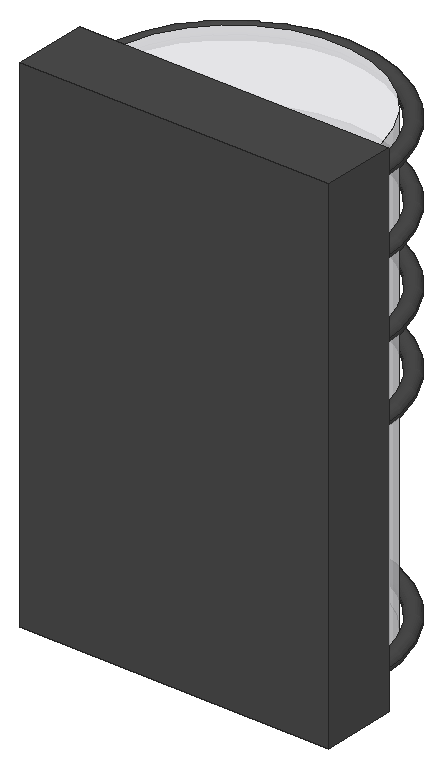
Revit family
Parameters (values of type "QE 2 -  26W - 277V - IES")
  Width = 0' - 8 1/4"
  Wet Location [instance] = yes
  Watts = 52 W
  Wattage = 24.2356 W
  built-in parameter 1150110 = 1 (stored number, unit not read)
  Voltage = 277 V
  URL = "http://teronlighting.com/"
  built-in parameter 1114217 = 0.81 (stored number, unit not read)
  Tilt Angle = 90.00°
  built-in parameter 1150109 = 1 (stored number, unit not read)
  built-in parameter 1150134 = (empty or 0)
  built-in parameter 1150113 = 1 (stored number, unit not read)
  Requires Special Disposal = no
  Remote Battery [instance] = no
  Product Page URL = "http://teronlighting.com/royal/"
  Product Documentation URL = "http://teronlighting.com/wp-content/uploads/Royal.pdf"
  Product = "Royal"
  Point of Final Manufacture = "Fairfield, OH, USA"
  Photometric Web File = "TLI - Royal - QE 2 -  26W.ies"
  Percentage Pre-Consumer = 0
  Percentage Post-Consumer = 0
  Number of Lamps = 2
  Mounting Type = "4\" Junction Box"
  Model = "RL - 226X"
  MasterFormat 2004 Title = "Exterior Lighting"
  MasterFormat 2004 Number = "26.56.00"
  Manufacturer Telephone = "01-513-858-6004"
  Manufacturer Email = "sales@teronlight.com"
  Manufacturer Address = "33 Donald Drive Fairfield, OH 45014"
  Manufacturer = "Teron Lighting"
  Lumens = 3600 lm
  built-in parameter 1150115 = 1 (stored number, unit not read)
  built-in parameter 1150105 = 286.48 (stored number, unit not read)
  built-in parameter 1150137 = (empty or 0)
  built-in parameter 1150139 = 0.81 (stored number, unit not read)
  Length = 1' - 1 1/2"
  built-in parameter 1150112 = 1 (stored number, unit not read)
  built-in parameter 1150114 = 1 (stored number, unit not read)
  Lamp Base = "4-Pin"
  Lamp = "2 - 26W QE"
  Integral Battery [instance] = no
  built-in parameter 1150132 = 2
  built-in parameter 1150102 = (empty or 0)
  built-in parameter 1150138 = 4100 (stored number, unit not read)
  built-in parameter 1150107 = 4100 (stored number, unit not read)
  Industry Standards = "ETL, Buy America Act, Vandal Resistant"
  built-in parameter 1150106 = 2.8648 (stored number, unit not read)
  Fused [instance] = no
  Fixture Material = Paint - TLI - Textured Black
  Fixture = "Steel"
  Finish = "Textured Black"
  Energy Star [instance] = no
  Emergency Light Fixture [instance] = no
  Electronic Ballast [instance] = yes
  built-in parameter 1150104 = 13.8 (stored number, unit not read)
  Distributor Locations = "USA, Canada, Puerto Rico"
  Dimming Lamp Color Temperature Shift = (empty or 0)
  Dimming Ballast [instance] = no
  Diffuser Material = Acrylic - TLI - Luminous White
  Diffuser = "Acrylic - Luminous White"
  Description = "Architectectural Outdoor"
  Depth = 0' - 6"
  Date Created = "8.1.2011"
  Created By = "RenderSpec  http://rederspec.com"
  Cost = 0
  Conditions of Use = "Elements are representations. Color and detail may differ from actual product. Information is for general use and should be reviewed by a Professional."
  Color Filter = 16777215
  built-in parameter 1114218 = 1 (stored number, unit not read)
  built-in parameter 1150133 = 10 (stored number, unit not read)
  Apparent Load = 52 VA
  Amps = Watts / Voltage / 1 A  # 0.18773
  ADA Compliant = no
Types (16): name | Watts | Wattage | Voltage | Tilt Angle | Photometric Web File | Number of Lamps | Model | Lumens | built-in parameter 1150105 | Lamp | built-in parameter 1150106 | Energy Star | Apparent Load | Amps
  QE 1 -  13W - 120V | 13 W | 6.05889 W | 120 V | 0.00° | "generic.ies" | 1 | "RL - 113Q" | 900 lm | 71.62 (stored number, unit not read) | "1 - 13W QE" | 0.7162 (stored number, unit not read) | no | 13 VA | 0.10833
  QE 1 -  13W - 277V | 13 W | 6.05889 W | 277 V | 0.00° | "generic.ies" | 1 | "RL - 113Q" | 900 lm | 71.62 (stored number, unit not read) | "2 - 13W QE" | 0.7162 (stored number, unit not read) | no | 13 VA | 0.046931
  QE 2 -  13W - 120V | 26 W | 12.1178 W | 120 V | 0.00° | "generic.ies" | 2 | "RL - 213Q" | 1800 lm | 143.24 (stored number, unit not read) | "2 - 13W QE" | 1.4324 (stored number, unit not read) | no | 26 VA | 0.21667
  QE 2 -  13W - 277V | 26 W | 12.1178 W | 277 V | 0.00° | "generic.ies" | 2 | "RL - 213Q" | 1800 lm | 143.24 (stored number, unit not read) | "2 - 13W QE" | 1.4324 (stored number, unit not read) | no | 26 VA | 0.093863
  QE 1 -  18W - 120V | 18 W | 8.41513 W | 120 V | 0.00° | "generic.ies" | 1 | "RL - 118Q" | 1250 lm | 99.472 (stored number, unit not read) | "1 - 18W QE" | 0.99472 (stored number, unit not read) | no | 18 VA | 0.15
  QE 1 -  18W - 277V | 18 W | 8.41513 W | 277 V | 0.00° | "generic.ies" | 1 | "RL - 118Q" | 1250 lm | 99.472 (stored number, unit not read) | "1 - 18W QE" | 0.99472 (stored number, unit not read) | no | 18 VA | 0.064982
  QE 2 -  18W - 120V | 36 W | 16.8303 W | 120 V | 0.00° | "generic.ies" | 2 | "RL - 218Q" | 2500 lm | 198.94 (stored number, unit not read) | "2 - 18W QE" | 1.9894 (stored number, unit not read) | yes | 36 VA | 0.3
  QE 2 -  18W - 277V | 36 W | 16.8303 W | 277 V | 0.00° | "generic.ies" | 2 | "RL - 218Q" | 2500 lm | 198.94 (stored number, unit not read) | "2 - 18W QE" | 1.9894 (stored number, unit not read) | yes | 36 VA | 0.12996
  QE 1 -  26W - 120V | 26 W | 12.1178 W | 120 V | 0.00° | "generic.ies" | 1 | "RL - 126X" | 1800 lm | 143.24 (stored number, unit not read) | "1 - 26W QE" | 1.4324 (stored number, unit not read) | yes | 26 VA | 0.21667
  QE 1 -  26W - 277V | 26 W | 12.1178 W | 277 V | 0.00° | "generic.ies" | 1 | "RL - 126X" | 1800 lm | 143.24 (stored number, unit not read) | "1 - 26W QE" | 1.4324 (stored number, unit not read) | yes | 26 VA | 0.093863
  QE 2 -  26W - 120V - IES | 52 W | 24.2356 W | 120 V | 90.00° | "TLI - Royal - QE 2 -  26W.ies" | 2 | "RL - 226X" | 3600 lm | 286.48 (stored number, unit not read) | "2 - 26W QE" | 2.8648 (stored number, unit not read) | no | 52 VA | 0.43333
  QE 2 -  26W - 277V - IES | 52 W | 24.2356 W | 277 V | 90.00° | "TLI - Royal - QE 2 -  26W.ies" | 2 | "RL - 226X" | 3600 lm | 286.48 (stored number, unit not read) | "2 - 26W QE" | 2.8648 (stored number, unit not read) | no | 52 VA | 0.18773
  TBX 1 -  32W - 120V | 32 W | 16.1571 W | 120 V | 0.00° | "generic.ies" | 1 | "RL - 132X" | 2400 lm | 190.99 (stored number, unit not read) | "1 - 32W TBX" | 1.9099 (stored number, unit not read) | no | 32 VA | 0.26667
  TBX 1 -  32W - 277V | 32 W | 16.1571 W | 277 V | 0.00° | "generic.ies" | 1 | "RL - 132X" | 2400 lm | 190.99 (stored number, unit not read) | "1 - 32W TBX" | 1.9099 (stored number, unit not read) | no | 32 VA | 0.11552
  TBX 1 -  42W - 120V | 42 W | 21.5427 W | 120 V | 0.00° | "generic.ies" | 1 | "RL - 142X" | 3200 lm | 254.65 (stored number, unit not read) | "1 - 42W TBX" | 2.5465 (stored number, unit not read) | no | 42 VA | 0.35
  TBX 1 -  42W - 277V | 42 W | 21.5427 W | 277 V | 0.00° | "generic.ies" | 1 | "RL - 142X" | 3200 lm | 254.65 (stored number, unit not read) | "1 - 42W TBX" | 2.5465 (stored number, unit not read) | no | 42 VA | 0.15162
Reference planes (in)
  plane 1: y = 0
  plane 2 "Light Source Axis (L/R)": x = 4.92126
  plane 3 "Light Source Axis (F/R)": y = 4.95276
  plane 4 "Light Source Elevation": z = 60
  plane 5: y = 7.95276
  plane 6: y = 8.95276
  plane 7: y = 3.95276
  plane 8: z = 53.25
  plane 9: z = 66.75
  plane 10: z = 66.25
  plane 11: z = 53.75
  plane 12: z = 65.96692
  plane 13: z = 63.96692
  plane 14: z = 61.96692
  plane 15: z = 59.96692
  plane 16: z = 54.08083
  plane 17: x = 9.10876
  plane 18: x = 0.85876
Forms (in)
  Extrusion 1, solid, material "Paint - TLI - Textured Black" <- "Fixture Material"
    sketch origin (0, 0, 60) x (1, 0, 0) y (0, 1, 0)
      loop
        line (0.85876, 2.95276) -> (9.10876, 2.95276) -> (9.10876, 4.95276) -> (0.85876, 4.95276) -> (0.85876, 2.95276)
    from 6.75 to -6.75
  Extrusion 2, solid, material "Acrylic - TLI - Luminous White" <- "Diffuser Material"
    sketch origin (0, 0, 60) x (1, 0, 0) y (0, 1, 0)
      loop
        line (1.42126, 4.95276) -> (8.42126, 4.95276)
        arc (8.42126, 4.95276) -> (4.92126, 8.45276) -> (1.42126, 4.95276) r 3.5
    from 6.25 to -6.25
  Sweep 3, solid, material "Paint - TLI - Textured Black" <- "Fixture Material"
    path origin (0, 0, 66.46692) x (1, 0, 0) y (0, 1, 0)
      loop
        arc (1.12126, 4.95276) -> (4.92126, 8.75276) -> (8.72126, 4.95276) r 3.8
    profile origin (4.92126, 8.75276, 66.46692) x (0, 1, 0) y (0, 0, 1)
      loop
        circle (0, -0.5) r 0.2
  Sweep 4, solid, material "Paint - TLI - Textured Black" <- "Fixture Material"
    path origin (0, 0, 64.46692) x (1, 0, 0) y (0, 1, 0)
      loop
        arc (1.12126, 4.95276) -> (4.92126, 8.75276) -> (8.72126, 4.95276) r 3.8
    profile origin (4.92126, 8.75276, 64.46692) x (0, 1, 0) y (0, 0, 1)
      loop
        circle (0, -0.5) r 0.2
  Sweep 5, solid, material "Paint - TLI - Textured Black" <- "Fixture Material"
    path origin (0, 0, 62.46692) x (1, 0, 0) y (0, 1, 0)
      loop
        arc (1.12126, 4.95276) -> (4.92126, 8.75276) -> (8.72126, 4.95276) r 3.8
    profile origin (4.92126, 8.75276, 62.46692) x (0, 1, 0) y (0, 0, 1)
      loop
        circle (0, -0.5) r 0.2
  Sweep 6, solid, material "Paint - TLI - Textured Black" <- "Fixture Material"
    path origin (0, 0, 60.46692) x (1, 0, 0) y (0, 1, 0)
      loop
        arc (1.12126, 4.95276) -> (4.92126, 8.75276) -> (8.72126, 4.95276) r 3.8
    profile origin (4.92126, 8.75276, 60.46692) x (0, 1, 0) y (0, 0, 1)
      loop
        circle (0, -0.5) r 0.2
  Sweep 7, solid, material "Paint - TLI - Textured Black" <- "Fixture Material"
    path origin (0, 0, 54.58083) x (1, 0, 0) y (0, 1, 0)
      loop
        arc (1.12126, 4.95276) -> (4.92126, 8.75276) -> (8.72126, 4.95276) r 3.8
    profile origin (4.92126, 8.75276, 54.58083) x (0, 1, 0) y (0, 0, 1)
      loop
        circle (0, -0.5) r 0.2
Text (in)
  text "Placement side" at (-70.3598, 43.96769, 0), in view "Ref. Level"
  text "Placement side" at (0, 83.08644, 117.56134), in view "Left"
  text "Placement side" at (0, 24.74324, 118.58137), in view "Right"
Dimensions and locks (in)
  Extrusion 1 to Extrusion 1 = 0' - 2"
  host wall to plane 5 = 0' - 5"
  host wall to plane 6 = 0' - 6"
  "Depth": host wall to plane 6
  "Length": plane 8 to plane 9
  "Width": plane 17 to plane 18
  equal spacing: plane 8, imposter light, plane 9
  aligned and locked: plane 1 to host wall
  aligned: plane 2 "Light Source Axis (L/R)" to imposter light
  aligned: plane 3 "Light Source Axis (F/R)" to imposter light
  aligned and locked: plane 4 "Light Source Elevation" to imposter light
  aligned and locked: plane 8 to Extrusion 1
  aligned and locked: Extrusion 1 to plane 9
  aligned and locked: plane 10 to Extrusion 2
  aligned and locked: Extrusion 2 to plane 11
  aligned and locked: plane 12 to Sweep 3
  aligned and locked: plane 13 to Sweep 4
  aligned and locked: plane 14 to Sweep 5
  aligned and locked: plane 15 to Sweep 6
  aligned and locked: plane 16 to Sweep 7
  aligned and locked: nested 1 to host wall
Automatic sketch dimensions
  plane 3 "Light Source Axis (F/R)" to Extrusion 1 sketch curve = 0' - 0"
  Extrusion 1 sketch curve to plane 18 = 0' - 0"
  Extrusion 1 sketch curve to plane 17 = 0' - 0"
  Extrusion 1 sketch curve to host wall = 0' - 0"
  plane 3 "Light Source Axis (F/R)" to Extrusion 2 sketch curve = 0' - 0"
  Extrusion 2 sketch curve to plane 2 "Light Source Axis (L/R)" = 0' - 0"
  plane 18 to Extrusion 2 sketch curve = 0' - 0 9/16"
  plane 3 "Light Source Axis (F/R)" to Sweep 3 sketch curve = 0' - 0"
  Sweep 3 sketch curve to plane 2 "Light Source Axis (L/R)" = 0' - 0"
  plane 18 to Sweep 3 sketch curve = 0' - 0.2625"
  Sweep 3 sketch curve to profile plane = 0' - 0"
  Sweep 3 sketch curve to profile plane = 0' - 0 1/2"
  plane 3 "Light Source Axis (F/R)" to Sweep 4 sketch curve = 0' - 0"
  Sweep 4 sketch curve to plane 2 "Light Source Axis (L/R)" = 0' - 0"
  plane 18 to Sweep 4 sketch curve = 0' - 0.2625"
  Sweep 4 sketch curve to profile plane = 0' - 0"
  Sweep 4 sketch curve to profile plane = 0' - 0 1/2"
  plane 3 "Light Source Axis (F/R)" to Sweep 5 sketch curve = 0' - 0"
  Sweep 5 sketch curve to plane 2 "Light Source Axis (L/R)" = 0' - 0"
  plane 18 to Sweep 5 sketch curve = 0' - 0.2625"
  Sweep 5 sketch curve to profile plane = 0' - 0"
  Sweep 5 sketch curve to profile plane = 0' - 0 1/2"
  plane 3 "Light Source Axis (F/R)" to Sweep 6 sketch curve = 0' - 0"
  Sweep 6 sketch curve to plane 2 "Light Source Axis (L/R)" = 0' - 0"
  plane 18 to Sweep 6 sketch curve = 0' - 0.2625"
  Sweep 6 sketch curve to profile plane = 0' - 0"
  Sweep 6 sketch curve to profile plane = 0' - 0 1/2"
  plane 3 "Light Source Axis (F/R)" to Sweep 7 sketch curve = 0' - 0"
  Sweep 7 sketch curve to plane 2 "Light Source Axis (L/R)" = 0' - 0"
  plane 18 to Sweep 7 sketch curve = 0' - 0.2625"
  Sweep 7 sketch curve to profile plane = 0' - 0"
  Sweep 7 sketch curve to profile plane = 0' - 0 1/2"
  radius of Sweep 3 sketch curve = 0' - 0.2"
  radius of Sweep 4 sketch curve = 0' - 0.2"
  radius of Sweep 5 sketch curve = 0' - 0.2"
  radius of Sweep 6 sketch curve = 0' - 0.2"
  radius of Sweep 7 sketch curve = 0' - 0.2"
Nested families (in)
  nested 1: "Wall Mounted Light Fixture" at (4.92126, 2.95276, 0), Emergency Light Fixture <- "Emergency Light Fixture", type "Wall Mounted Light Fixture"
    with Emergency Light Fixture no
Connectors (in)
  electrical at (4.98376, 2.95276, 60), driven by "Voltage", driven by "Apparent Load"
    settings: on Extrusion 1, index 1, voltage 277 V, apparent load 52 VA, apparent load phase1 0 VA, apparent load phase2 0 VA, apparent load phase3 0 VA, power factor 1, load classification "Other", number of poles 1, system type 30, power factor state 1, is connector primary yes, connector utility no, sub classification motor no, connector description ""
Definition of nested family "Wall Mounted Light Fixture"
  Parameters (values of type "Wall Mounted Light Fixture")
    Emergency Light Fixture [instance] = no
  Reference planes (in)
    plane 1: y = 0
    plane 2: x = 0
  Lines and regions (in)
    detail lines, built-in parameter 1006310 <- "Emergency Light Fixture"
      curve 1: circle (0, 0.125, 0) r 0.0625 normal (0, 0, 1)
    detail lines
      curve 2: line (-0.0625, 0, 0) -> (0.0625, 0, 0)
      curve 3: line (0, 0, 0) -> (0, 0.0625, 0)
